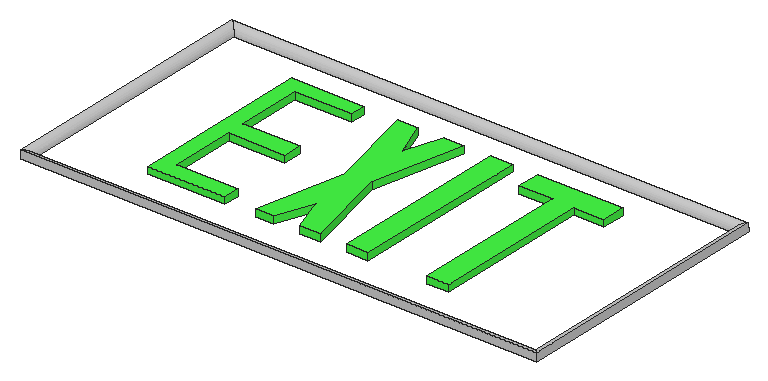
Revit family "DPL_Surface", category Lighting Fixtures, host Face, Revit 2014
Parameters (values of type "DL_DPL")
  Watts = 3.72 W
  Wattage Comments = "3.72 W"
  Warranty = "5 Year Full"  # constant formula
  Wall Plate Material = Hubbell - Steel
  Voltage [instance] = if(Is 120VAC, 120 V, 277 V)  # 120 V
  URL = "https://www.hubbell.com/dual-lite/en"
  Type Comments = "Exit Light"  # constant formula
  EXIT - Single Face = yes
  Product Page URL = "https://www.hubbell.com/dual-lite/en/Products/Lighting-Controls/Emergency-Exit-Lighting/Exit-Message-Signs/DPL-Series/p/2965589"
  Product Documentation Link = "https://hubbellcdn.com/specsheet/DL_DPL_SPEC.pdf"
  Model = "DPL"
  Manufacturer = "DUAL-LITE"  # constant formula
  Load Classification = Lighting
  Lens = Hubbell - Green Glass
  Lamp = "LED Lamp"  # constant formula
  Is 277VAC [instance] = not(Is 120VAC)  # no
  Is 120VAC [instance] = yes
  Holder Material = Hubbell - Steel
  Glass = Hubbell - Yellow-Glass
  Finish = Paint - Hubbell - Light Silver
  Features = "Available in Aluminum Frame, ABS Thermoplastic, Poly-Metal or Acrylic Construction\r\nMaintenance Free Exit Compliance\r\nNo Electricity Required\r\nQuick Installation\r\nMade in USA\r\nWall, Ceiling or End Mount\r\nUL924 Listed"  # constant formula
  End = C : C1
  Description = "The DPL Series of photoluminescent exit signage offers exit compliance with UL listed legible viewing distances of 50', 75' and 100'. The DPL photoluminescent exit signs do not require AC or electrical power. ALl signs have a 25 year lifecycle."  # constant formula
  Default Elevation = 48.000"
  Certification = "UL 924 Listed\r\nNFPA 101 Life Safety Code\r\nCEC T20 Compliant"  # constant formula
  Application Note = " Install photoluminescent exit signs only in locations\r\nwhere an external illumination source is present, is deemed reliable, and\r\nis supplied by a circuit not controlled by automatic timers or sensors, and\r\nwhere controls are accessible only to authorized personnel. A minimum\r\nof 5 foot-candle(54lux) external illumination of unfiltered metal halide,\r\nfluorescent, mercury vapor or LED charging light sources required on\r\nsign face at all times of building occupancy."  # constant formula
  Apparent Load = Watts  # 3.72 VA
Reference planes (in)
  plane 1 "Center (Front/Back)": y = 0
  plane 2: z = 0
  plane 3 "Center (Left/Right)": x = 0
  plane 4: x = -6.25
  plane 5: x = 6.25
  plane 6: x = -2.75
  plane 7: x = 2.75
  plane 8: z = 9.3
  plane 9: y = -1.25
  plane 10: y = 1.25
  plane 11: y = -2.2
  plane 12: y = 2.2
Dimensions and locks (in)
  plane 4 to plane 3 "Center (Left/Right)" = 6.250"
  equal spacing: plane 4, plane 3 "Center (Left/Right)", plane 5
  equal spacing: plane 6, plane 3 "Center (Left/Right)", plane 7
  plane 6 to plane 3 "Center (Left/Right)" = 2.750"
  plane 7 to plane 6 = 5.500"
  plane 5 to plane 4 = 12.500"
  aligned and locked: plane 2 to host face
  aligned and locked: level to host face
Automatic sketch dimensions
  host sketch curve to host sketch curve = 96.000"  (x2)
Nested families (in)
  nested 1: "C" at (-0.14499, 0, -0.73324), type <- "End", type "C1"
Connectors (in)
  electrical at (-0.14499, -0.05926, 0.76258)
    settings: on nested 1, index 1, voltage 120 V, apparent load 3 VA, apparent load phase1 0 VA, apparent load phase2 0 VA, apparent load phase3 0 VA, power factor 1, load classification "Other", number of poles 1, system type 30, power factor state 1, is connector primary yes, connector utility no, sub classification motor no, connector description ""
Definition of nested family "C"
  Parameters (values of type "C1")
    EXIT-Single Face = yes
    Lens = Hubbell - Green Glass
    Glass = Hubbell - Yellow-Glass
    Finish = Paint - Hubbell - Light Silver
  Reference planes (in)
    plane 1 "Center (Front/Back)": y = 0
    plane 2: z = 0
    plane 3 "Center (Left/Right)": x = 0
    plane 4: z = 12.375
    plane 5: x = 8
    plane 6: x = -8
    plane 7: y = -4.5
    plane 8: y = 3.634
  Forms (in)
    Extrusion 1, solid, material "Hubbell - Green Glass" <- "Lens", visible <- "EXIT-Single Face"
      sketch origin (0, -4.20926, 0.90207) x (0, 1, 0) y (1, 0, 0)
        loop
          line (6.45678, -2.80916) -> (5.97564, -2.80916) -> (5.97564, -4.5716) -> (3.97225, -4.5716) -> (3.97225, -2.80916) -> (3.36683, -2.80916) -> (3.39094, -4.55274) -> (1.3823, -4.55274) -> (1.3823, -2.67774) -> (0.8823, -2.67774) -> (0.8823, -5.05274) -> (6.45678, -5.05274) -> (6.45678, -2.80916)
        loop
          line (6.45573, -1.76843) -> (6.45573, -1.13786) -> (5.35075, -0.73568) -> (6.45573, -0.3335) -> (6.45573, 0.29707) -> (3.66954, -0.34617) -> (0.88335, 0.29707) -> (0.88335, -0.3335) -> (1.98833, -0.73568) -> (0.88335, -1.13786) -> (0.88335, -1.71828) -> (3.56092, -1.10011) -> (6.45573, -1.76843)
        loop
          line (6.47228, 1.77569) -> (0.88335, 1.77569) -> (0.88335, 1.10607) -> (6.47228, 1.10607) -> (6.47228, 1.77569)
        loop
          line (6.47228, 5.20484) -> (5.74075, 5.20484) -> (5.74075, 4.27003) -> (0.88335, 4.27003) -> (0.88335, 3.60041) -> (5.74075, 3.60041) -> (5.74075, 2.56807) -> (6.47228, 2.56807) -> (6.47228, 5.20484)
      from 0.625 to 0.84093
    Extrusion 2, solid, material "Hubbell - Yellow-Glass" <- "Glass", not visible
      sketch origin (0, -4.83426, 0.87082) x (0, 1, 0) y (1, 0, 0)
        loop
          line (8.33178, -8) -> (8.33178, 8) -> (0.25, 8) -> (0.25, -8) -> (8.33178, -8)
      from 0.625 to 0.84093
    Sweep 3, solid, material "Paint - Hubbell - Light Silver" <- "Finish"
      path origin (0, 0, 0) x (1, 0, 0) y (0, 1, 0)
        loop
          line (-8, 3.62253) -> (-8, -4.58426) -> (8, -4.58426) -> (8, 3.62253) -> (-8, 3.62253)
      profile origin (0, 3.62253, 0) x (0, 1, 0) y (0, 0, 1)
        loop
          line (0, 0) -> (0, 0.25)
          arc (0, 0.25) -> (-0.17678, 0.17678) -> (-0.25, 0) r 0.25
          line (-0.25, 0) -> (0, 0)
  Dimensions and locks (in)
    plane 4 to plane 2 = 12.375"
    aligned and locked: plane 2 to level
